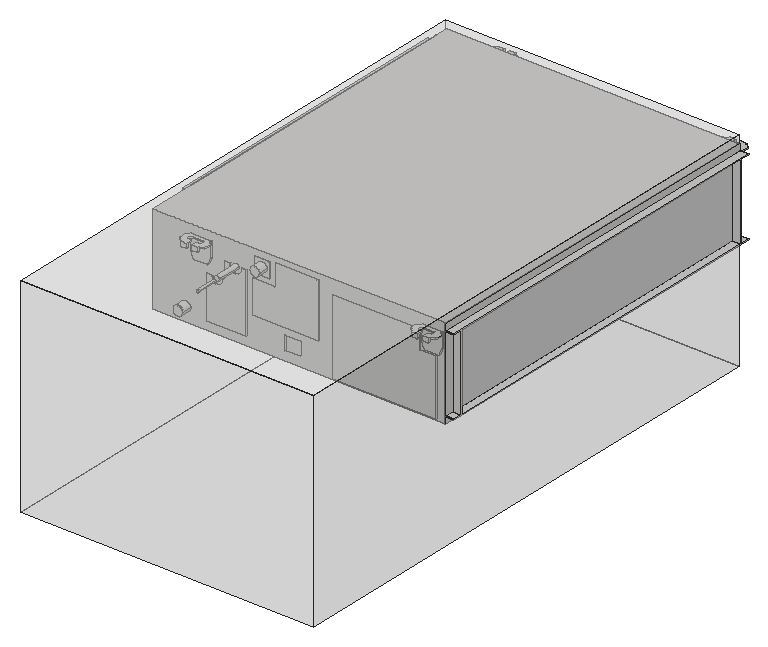
Revit family "outputfile", category 機械設備, Revit 2024
Family settings
  丸型コネクタ寸法 = 半径を使用
  パーツ タイプ = 標準
  OmniClass 番号 = 23.75.10.24.21.27.27
  OmniClass タイトル = Split System Air Conditioning Units
  作業面ベース = いいえ
  常に垂直 = はい
  ロード時にボイドで切り取り = いいえ
  注釈の向きを維持 = いいえ
  共有 = いいえ
  部屋計算ポイント = はい
Parameters (values of type "FXSA63AVMS")
  製造元 = "Daikin"
  書き出し IFC クラス(タイプ) = "IfcUnitaryEquipmentType"
  定義済み IFC タイプ(タイプ) = "AIRCONDITIONINGUNIT"
  モデル = "FXSA63AVMS"
  switch_frequency = yes
  r_Liquid Pipe Size = Liquid Pipe Size / 2  # 3.2 mm
  r_Gas Pipe Size = Gas Pipe Size / 2  # 6.35 mm
  r_Drain Pipe Size = Drain Pipe Size / 2  # 12.5 mm
  lw_power = 770.0 mm
  lh_SA = 138.0 mm
  lw_SA = if(Width = 550.0 mm, 225.0 mm, if(Width = 700.0 mm, 300.0 mm, if(Width = 1000.0 mm, 450.0 mm, if(Width = 1400.0 mm, 650.0 mm, 725.0 mm))))  # 450.0 mm
  lw_RA = if(Width = 550.0 mm, 275.0 mm, if(Width = 700.0 mm, 349.0 mm, if(Width = 1000.0 mm, 499.0 mm, if(Width = 1400.0 mm, 699.0 mm, 775.0 mm))))  # 499.0 mm
  lh_power = 60.0 mm + [h***]  # 60.0 mm
  lh_mountinghole1 = lh_mountinghole + [h***]  # 222.0 mm
  lh_RA = 123.0 mm
  ld_power = Width / 2  # 500.0 mm
  connector_voltage = Voltage_50Hz  # 220 V
  connector_powerinput = [Power Input (Cooling)]  # 0.106 kW
  connector_phase = Phase_50Hz  # 1
  Voltage_comment_50Hz = "220"
  Voltage_50Hz = 220 V
  Total Heating Capacity [instance] = 0.000 kW
  Supply Air Direction [instance] = yes
  Sound Power Level_H speed (dB) = 64
  Power Input (Heating) = 0.101 kW
  Phase_50Hz = 1
  Nominal Heating Capacity = 8.000 kW
  Minimum External Static Pressure = 50.00 Pa
  Minimum Circuit Amps_50Hz = 1.8 A
  Maximum Fuse Amps_50Hz = 16.0 A
  Maximum External Static Pressure = 150.00 Pa
  Material_Casing = DAIKIN_GalvanizedSteel_Casing_indoorunit
  lw_mountinghole = 630.0 mm
  lh_gaspipe = 183.0 mm + [h***]  # 183.0 mm
  lh_mountinghole = 222.0 mm
  lh_liquidpipe = 136.0 mm + [h***]  # 136.0 mm
  lh_drainpipe = 207.0 mm + [h***]  # 207.0 mm
  lh_antena = Height - lh_mountinghole + 1.0 mm  # 24.0 mm
  ld_drainpipe = Width / 2 + 26.0 mm  # 526.0 mm
  ld_liquidpipe = 569.0 mm
  ld_gaspipe = Width / 2 + 65.0 mm  # 565.0 mm
  ld_mountinghole = Width + 38.0 mm  # 1038.0 mm
  h*** = 0.0 mm
  lw_liquidpipe = 179.0 mm
  lw_gaspipe = 229.0 mm
  lw_drainpipe = 300.0 mm
  Width = 1000.0 mm
  Version = "ver.1.0"
  Unit Type = "Duct_M.S.P."
  Unit Mass Weight = 35.00 kg
  Unit Designation [instance] = ""
  Uniclass2015Version = "Products v1.30"
  Uniclass2015Title = "Variable refrigerant flow units"
  Uniclass2015Code = "Pr_70_65_03_94"
  Total Cooling Capacity [instance] = 0.000 kW
  Sound Pressure Level_M speed (dBA) = 32
  Sound Pressure Level_L speed (dBA) = 29
  Sound Pressure Level_H speed (dBA) = 36
  Series = "VRV Fan Coil Unit"
  Sensible Cooling Capacity [instance] = 0.000 kW
  SA Duct Size Width = 792.0 mm
  SA Duct Size Height = 176.0 mm
  Refrigerant Type = "R32"
  RA Duct Size Width = 952.0 mm
  RA Duct Size Height = 208.0 mm
  Power Input (Cooling) = 0.106 kW
  Option Accessory 3 [instance] = ""
  Option Accessory 2 [instance] = ""
  Option Accessory 1 [instance] = ""
  Nominal Cooling Capacity = 7.100 kW
  Minimum Airflow = 870.00 m³/h
  Median Airflow = 1050.00 m³/h
  Maximum Airflow = 1260.00 m³/h
  Load Classification = HVAC
  Liquid Pipe Size = 6.4 mm
  Link_Nested Family [instance] = ""
  IfcVersion = ""
  IfcExportType = "AIRCONDITIONINGUNIT"
  IfcExportAs = "IfcUnitaryEquipmentType"
  Height = 245.0 mm
  Heating Entering Wet Bulb Temperature [instance] = -273.15 °C
  Heating Entering Dry Bulb Temperature [instance] = -273.15 °C
  Heating Ambient Wet Bulb Temperature [instance] = -273.15 °C
  Heating Ambient Dry Bulb Temperature [instance] = -273.15 °C
  Heat Exchanger Type = "Cross Fin Coil"
  Gas Pipe Size = 12.7 mm
  Frequency_50Hz = 50 Hz
  Fan Type = "Sirocco Fan"
  Fan Drive = "Direct Drive"
  FCU Tag No. [instance] = ""
  Drain Pipe Size = 25.0 mm
  Design Supply Airflow [instance] = 0.00 m³/h
  Design Return Airflow [instance] = 0.00 m³/h
  Design External Static Pressure [instance] = 0.00 Pa
  Depth = 800.0 mm
  既定の高さ = 0.0 mm
  Cooling Entering Wet Bulb Temperature [instance] = 0.00 °C
  Cooling Entering Dry Bulb Temperature [instance] = 0.00 °C
  Cooling Ambient Wet Bulb Temperature [instance] = 0.00 °C
  Cooling Ambient Dry Bulb Temperature [instance] = 0.00 °C
  Clearance visibility [instance] = yes
  Clearance Top = 20.0 mm
  Clearance Right = 0.0 mm
  Clearance Rear = 0.0 mm
  Clearance Left = 0.0 mm
  Clearance Front = 450.0 mm
  Clearance Bottom = 300.0 mm
Reference planes
  plane 1 "Center (Front/Back)": y = 0
  plane 2 "h": z = 0
  plane 3 "Center (Left/Right)": x = 0
  plane 4 "Back": y = 500
  plane 5 "Front": y = -500
  plane 6 "Left": x = -400
  plane 7 "Right": x = 400
  plane 8 "Top": z = 0
  plane 9 "Bottom": z = -245
  plane 10: y = -215
  plane 11: y = 500
  plane 12: y = -950
  plane 13: x = -400
  plane 14: x = 400
  plane 15: z = 20
  plane 16: z = -545
  plane 17: x = -400
  plane 18: x = -399
  plane 19: x = 399
  plane 20: y = 50
  plane 21: y = -1
  plane 22: z = -122
  plane 23: y = -501
  plane 24: z = -109
  plane 25: x = -221
  plane 26: y = -565
  plane 27: z = -62
  plane 28: x = -171
  plane 29: y = -526
  plane 30: z = -38
  plane 31: x = -100
  plane 32: x = -100
  plane 33: x = -221
  plane 34: x = -171
  plane 35: x = 370
  plane 36: x = -266
  plane 37: x = 364
  plane 38: y = -519
  plane 39: y = 519
  plane 40: z = -23
  plane 41: z = -107
  plane 42: y = -569
  plane 43: z = -207
  plane 44: x = -309
  plane 45: y = -376
  plane 46: x = -251
  plane 47: x = -203
  plane 48: x = -144
  plane 49: z = -59
  plane 50: z = -106
  plane 51: z = -221
  plane 52: z = -109
  plane 53: x = -221
  plane 54: z = -62
  plane 55: x = -171
  plane 56: z = -17
  plane 57: z = -59
  plane 58: x = -121
  plane 59: x = -79
  plane 60: x = -125
  plane 61: x = -64
  plane 62: x = 53
  plane 63: z = -164
  plane 64: z = -73
  plane 65: z = -16
  plane 66: x = 93.5
  plane 67: x = 374.5
  plane 68: x = 330
  plane 69: z = -88.5
  plane 70: z = -38
  plane 71: z = -242.5
  plane 72: x = -38.5
  plane 73: x = 6.5
  plane 74: z = -181
  plane 75: z = -221
  plane 76: y = -499
  plane 77: x = -424
  plane 78: x = 424
Forms (mm)
  Extrusion 1, solid, material "DAIKIN_GalvanizedSteel_Casing_indoorunit" <- "Material_Casing"
    sketch origin (0, 0, 0) x (1, 0, 0) y (0, 1, 0)
      loop
        line (-399, 500) -> (-399, -500) -> (399, -500) -> (399, 500) -> (-399, 500)
    from -245 to 0
  Extrusion 2, solid, material "DAIKIN_GalvanizedSteel_Casing_indoorunit" <- "Material_Casing"
    sketch origin (0, 0, 0) x (1, 0, 0) y (0, 0, 1)
      loop
        line (-251, -221) -> (-144, -221) -> (-144, -59) -> (-154.47, -59)
        arc (-154.47, -59) -> (-171, -78.8) -> (-187.53, -59) r 16.8
        line (-187.53, -59) -> (-203, -59) -> (-203, -106) -> (-206.916, -106)
        arc (-206.916, -106) -> (-221, -123.4) -> (-235.084, -106) r 14.4
        line (-235.084, -106) -> (-251, -106) -> (-251, -221)
    from 500 to 501
  Extrusion 3, solid, material "DAIKIN_GalvanizedSteel_Casing_indoorunit" <- "Material_Casing"
    sketch origin (0, 0, 0) x (1, 0, 0) y (0, 0, 1)
      loop
        line (-121, -17) -> (-121, -59) -> (-79, -59) -> (-79, -17) -> (-121, -17)
      loop
        line (-125, -73) -> (-125, -164) -> (53, -164) -> (53, -16) -> (-64, -16) -> (-64, -73) -> (-125, -73)
    from 500 to 501
  Extrusion 4, solid, material "DAIKIN_GalvanizedSteel_Casing_indoorunit" <- "Material_Casing"
    sketch origin (0, 0, 0) x (1, 0, 0) y (0, 0, 1)
      loop
        line (93.5, -38) -> (93.5, -242.5) -> (374.5, -242.5) -> (374.5, -88.5) -> (330, -88.5) -> (330, -38) -> (93.5, -38)
    from 500 to 501
  Extrusion 5, solid, material "DAIKIN_GalvanizedSteel_Casing_indoorunit" <- "Material_Casing"
    sketch origin (0, 0, 0) x (1, 0, 0) y (0, 0, 1)
      loop
        circle (-221, -109) r 3.2
    from 500 to 569
  Extrusion 6, solid, material "DAIKIN_GalvanizedSteel_Casing_indoorunit" <- "Material_Casing"
    sketch origin (0, 0, 0) x (1, 0, 0) y (0, 0, 1)
      loop
        circle (-171, -62) r 6.35
    from 500 to 565
  Extrusion 7, solid, material "DAIKIN_GalvanizedSteel_Casing_indoorunit" <- "Material_Casing"
    sketch origin (0, 0, 0) x (1, 0, 0) y (0, 0, 1)
      loop
        circle (-100, -38) r 12.5
    from 501 to 526
  Extrusion 8, solid, material "DAIKIN_GalvanizedSteel_Casing_indoorunit" <- "Material_Casing"
    sketch origin (0, 0, 0) x (1, 0, 0) y (0, 0, 1)
      loop
        circle (-309, -207) r 13
    from 500 to 526
  Extrusion 9, void
    sketch origin (0, 0, 0) x (1, 0, 0) y (0, 0, 1)
      loop
        line (-38.5, -181) -> (-38.5, -221) -> (6.5, -221) -> (6.5, -181) -> (-38.5, -181)
    from 499 to 500
Cuts and joins
  Extrusion 9 cuts Extrusion 1
Dimensions and locks
  "Height": plane 8 "Top" to plane 9 "Bottom"
  equal spacing: plane 4 "Back", plane 1 "Center (Front/Back)", plane 5 "Front"
  "Width": plane 4 "Back" to plane 5 "Front"
  equal spacing: plane 6 "Left", plane 3 "Center (Left/Right)", plane 7 "Right"
  "Depth": plane 6 "Left" to plane 7 "Right"
  "Clearance Left": plane 13 to plane 6 "Left"
  "Clearance Right": plane 7 "Right" to plane 14
  "Clearance Rear": plane 11 to plane 4 "Back"
  "Clearance Front": plane 5 "Front" to plane 12
  "Clearance Top": plane 15 to plane 8 "Top"
  "Clearance Bottom": plane 9 "Bottom" to plane 16
  locked: plane 17 to plane 18 at 1
  locked: plane 19 to plane 14 at 1
  "lw_SA": plane 11 to plane 20
  "lw_RA": plane 21 to plane 5 "Front"
  "lh_RA": plane 22 to plane 9 "Bottom"
  locked: plane 5 "Front" to plane 23 at 1
  "lw_liquidpipe": plane 25 to plane 6 "Left"
  "lh_liquidpipe": plane 24 to plane 9 "Bottom"
  "lh_gaspipe": plane 27 to plane 9 "Bottom"
  "lw_gaspipe": plane 28 to plane 6 "Left"
  "ld_gaspipe": plane 26 to plane 1 "Center (Front/Back)"
  "ld_drainpipe": plane 29 to plane 1 "Center (Front/Back)"
  "lh_drainpipe": plane 30 to plane 9 "Bottom"
  "lw_drainpipe": plane 31 to plane 6 "Left"
  "lw_drainpipe": plane 6 "Left" to plane 32
  "lw_liquidpipe": plane 6 "Left" to plane 33
  "lw_gaspipe": plane 6 "Left" to plane 34
  "lw_power": plane 6 "Left" to plane 35
  locked: plane 17 to plane 36 at 134
  "lw_mountinghole": plane 36 to plane 37
  equal spacing: plane 38, plane 1 "Center (Front/Back)", plane 39
  "ld_mountinghole": plane 39 to plane 38
  "lh_mountinghole": plane 40 to plane 9 "Bottom"
  "lh_SA": plane 41 to plane 9 "Bottom"
  locked: plane 44 to plane 6 "Left" at 91
  locked: plane 43 to plane 9 "Bottom" at 38
  plane 48 to plane 47 to plane 46 to plane 6 "Left" = 59.0 mm, 48.0 mm, 149.0 mm
  plane 8 "Top" to plane 49 to plane 50 to plane 51 = 59.0 mm locked, 47.0 mm locked, 115.0 mm locked
  plane 55 to plane 53 to plane 6 "Left" = 50.0 mm locked, 179.0 mm locked
  plane 54 to plane 52 to plane 9 "Bottom" = 47.0 mm locked, 136.0 mm locked
  plane 59 to plane 58 to plane 6 "Left" = 42.0 mm locked, 279.0 mm locked
  plane 8 "Top" to plane 56 to plane 57 = 17.0 mm locked, 42.0 mm locked
  plane 62 to plane 61 to plane 60 to plane 6 "Left" = 117.0 mm, 61.0 mm, 275.0 mm
  plane 8 "Top" to plane 65 to plane 64 = 16.0 mm locked, 57.0 mm locked
  locked: plane 65 to plane 63 at 148
  plane 8 "Top" to plane 70 to plane 69 to plane 71 = 38.0 mm locked, 50.5 mm locked, 154.0 mm locked
  plane 67 to plane 68 to plane 66 to plane 6 "Left" = 44.5 mm locked, 236.5 mm locked, 493.5 mm locked
  plane 8 "Top" to plane 74 to plane 75 = 181.0 mm locked, 40.0 mm locked
  plane 73 to plane 72 to plane 6 "Left" = 45.0 mm, 361.5 mm
  locked: plane 76 to plane 5 "Front" at 1
  locked: plane 77 to plane 17 at 24
  locked: plane 14 to plane 78 at 24
  "ld_liquidpipe": plane 42 to plane 1 "Center (Front/Back)"
  "r_Liquid Pipe Size": radius of Extrusion 5 sketch curve
  "r_Gas Pipe Size": radius of Extrusion 6 sketch curve
  "r_Drain Pipe Size": radius of Extrusion 7 sketch curve
  aligned and locked: level to plane 2 "h"
  aligned and locked: plane 8 "Top" to Extrusion 1
  aligned and locked: Extrusion 1 to plane 9 "Bottom"
  aligned and locked: nested 5 to plane 12
  aligned and locked: plane 13 to nested 5
  aligned and locked: plane 14 to nested 5
  aligned and locked: nested 5 to plane 13
  aligned and locked: plane 11 to nested 5
  aligned and locked: plane 15 to nested 5
  aligned and locked: plane 16 to nested 5
  aligned and locked: plane 5 "Front" to Extrusion 1 sketch curve
  aligned and locked: Extrusion 1 to plane 18
  aligned and locked: plane 19 to Extrusion 1
  aligned and locked: nested 7 to plane 18
  aligned and locked: nested 7 to plane 20
  aligned and locked: plane 19 to nested 8
  aligned and locked: plane 21 to nested 8
  aligned and locked: plane 22 to nested 8
  aligned and locked: Extrusion 2 to plane 23
  aligned and locked: plane 5 "Front" to Extrusion 2
  aligned and locked: Extrusion 3 to plane 23
  aligned and locked: plane 5 "Front" to Extrusion 3
  aligned and locked: plane 5 "Front" to Extrusion 4
  aligned and locked: Extrusion 5 sketch curve to plane 25
  aligned and locked: plane 24 to Extrusion 5 sketch curve
  aligned and locked: plane 5 "Front" to Extrusion 5
  aligned and locked: Extrusion 6 sketch curve to plane 28
  aligned and locked: plane 27 to Extrusion 6 sketch curve
  aligned and locked: plane 5 "Front" to Extrusion 6
  aligned and locked: Extrusion 7 sketch curve to plane 31
  aligned and locked: Extrusion 7 sketch curve to plane 30
  aligned and locked: Extrusion 7 to plane 29
  aligned and locked: plane 23 to Extrusion 7
  aligned and locked: nested 3 to plane 29
  aligned and locked: plane 32 to nested 3
  aligned and locked: nested 2 to plane 33
  aligned and locked: nested 1 to plane 34
  aligned and locked: Extrusion 6 to plane 26
  aligned and locked: nested 1 to plane 26
  aligned and locked: nested 6 to plane 5 "Front"
  aligned and locked: nested 6 to plane 35
  aligned and locked: plane 36 to nested 10
  aligned and locked: nested 10 to plane 5 "Front"
  aligned and locked: plane 37 to nested 9
  aligned and locked: nested 9 to plane 5 "Front"
  aligned and locked: nested 11 to plane 36
  aligned and locked: plane 4 "Back" to nested 11
  aligned and locked: nested 12 to plane 37
  aligned and locked: plane 4 "Back" to nested 12
  aligned and locked: plane 40 to nested 10
  aligned and locked: plane 40 to nested 11
  aligned and locked: plane 40 to nested 9
  aligned and locked: plane 40 to nested 12
  aligned and locked: plane 36 to nested 14
  aligned and locked: nested 14 to plane 39
  aligned and locked: plane 37 to nested 13
  aligned and locked: nested 13 to plane 39
  aligned and locked: plane 37 to nested 16
  aligned and locked: plane 38 to nested 16
  aligned and locked: plane 38 to nested 15
  aligned and locked: plane 36 to nested 15
  aligned and locked: plane 17 to plane 6 "Left"
  aligned and locked: plane 41 to nested 7
  aligned and locked: Extrusion 5 to plane 42
  aligned and locked: nested 2 to plane 42
  aligned and locked: Extrusion 8 sketch curve to plane 44
  aligned and locked: plane 43 to Extrusion 8 sketch curve
  aligned and locked: plane 5 "Front" to Extrusion 8
  aligned and locked: Extrusion 3 sketch curve to plane 56
  aligned and locked: Extrusion 3 sketch curve to plane 58
  aligned and locked: plane 57 to Extrusion 3 sketch curve
  aligned and locked: plane 59 to Extrusion 3 sketch curve
  aligned and locked: Extrusion 4 to plane 23
  aligned and locked: Extrusion 9 sketch curve to plane 74
  aligned and locked: plane 75 to Extrusion 9 sketch curve
  aligned and locked: plane 73 to Extrusion 9 sketch curve
  aligned and locked: plane 5 "Front" to Extrusion 9
  aligned and locked: plane 76 to Extrusion 9
  aligned and locked: nested 17 to plane 20
  aligned and locked: nested 17 to plane 77
  aligned and locked: plane 21 to nested 18
  aligned and locked: plane 78 to nested 18
  aligned and locked: plane 41 to nested 17
  aligned and locked: nested 18 to plane 22
  aligned and locked: nested 4 to plane 3 "Center (Left/Right)"
  aligned and locked: plane 1 "Center (Front/Back)" to nested 4
  aligned and locked: level to plane 8 "Top"
  aligned and locked: Extrusion 8 to plane 29
Automatic sketch dimensions
  plane 6 "Left" to Extrusion 1 sketch curve = 1.0 mm
  Extrusion 1 sketch curve to plane 7 "Right" = 1.0 mm
  Extrusion 1 sketch curve to plane 4 "Back" = 0.0 mm
  Extrusion 2 sketch curve to plane 46 = 0.0 mm
  Extrusion 2 sketch curve to plane 33 = 0.0 mm
  Extrusion 2 sketch curve to plane 47 = 0.0 mm
  Extrusion 2 sketch curve to plane 34 = 0.0 mm
  Extrusion 2 sketch curve to plane 48 = 0.0 mm
  Extrusion 2 sketch curve to plane 51 = 0.0 mm
  Extrusion 2 sketch curve to plane 52 = 0.0 mm
  Extrusion 2 sketch curve to plane 50 = 0.0 mm  (x3)
  Extrusion 2 sketch curve to plane 54 = 0.0 mm
  Extrusion 2 sketch curve to plane 49 = 0.0 mm  (x3)
  plane 33 to Extrusion 2 sketch curve = 14.084 mm
  plane 34 to Extrusion 2 sketch curve = 16.53 mm
  Extrusion 3 sketch curve to plane 60 = 0.0 mm
  Extrusion 3 sketch curve to plane 61 = 0.0 mm
  Extrusion 3 sketch curve to plane 62 = 0.0 mm
  Extrusion 3 sketch curve to plane 63 = 0.0 mm
  Extrusion 3 sketch curve to plane 64 = 0.0 mm
  Extrusion 3 sketch curve to plane 65 = 0.0 mm
  Extrusion 4 sketch curve to plane 66 = 0.0 mm
  Extrusion 4 sketch curve to plane 68 = 0.0 mm
  Extrusion 4 sketch curve to plane 67 = 0.0 mm
  Extrusion 4 sketch curve to plane 71 = 0.0 mm
  Extrusion 4 sketch curve to plane 69 = 0.0 mm
  Extrusion 4 sketch curve to plane 70 = 0.0 mm
  Extrusion 9 sketch curve to plane 72 = 0.0 mm
  radius of Extrusion 8 sketch curve = 13.0 mm
Nested families
  nested 1: "daikin_connector_rotate2" at (-171, 0, -62), length <- "ld_gaspipe", built-in parameter 1001364 <- "lh_gaspipe", radius <- "r_Gas Pipe Size", type "daikin_connector_rotate2"
    with radius 6.35 mm, length 565.0 mm, angle_vertical 90.00°
  nested 2: "daikin_connector_rotate2" at (-221, 0, -109), length <- "ld_liquidpipe", built-in parameter 1001364 <- "lh_liquidpipe", radius <- "r_Liquid Pipe Size", type "daikin_connector_rotate2"
    with radius 3.2 mm, length 569.0 mm, angle_vertical 90.00°
  nested 3: "daikin_connector_rotate2" at (-100, 0, -38), length <- "ld_drainpipe", built-in parameter 1001364 <- "lh_drainpipe", radius <- "r_Drain Pipe Size", type "daikin_connector_rotate2"
    with radius 12.5 mm, length 526.0 mm, angle_vertical 90.00°
  nested 4: "daikin_△_symbolicline" at (0, 0, 245) x (0, -1, 0) z (0, 0, 1), built-in parameter 1001364 <- "Height", visible <- "Supply Air Direction", type "daikin_△_symbolicline"
    with length 200.0 mm
  nested 5: "daikin_clearancespace" at (0, -225, -262.381), visible <- "Clearance visibility", show <- "Clearance visibility", Link_Nested Family <- "Link_Nested Family", type "daikin_clearancespace"
    with width 800.0 mm, show yes, height 565.0 mm, depth 1450.0 mm, Link_Nested Family ""
  nested 6: "daikin_connector_rotate2" at (370, 0, -185), built-in parameter 1001364 <- "lh_power", length <- "ld_power", type "daikin_connector_rotate2"
    with radius 10.0 mm, length 500.0 mm, angle_vertical 90.00°
  nested 7: "daikin_ductflange_FXSA-AVMS2" at (-399, 50, -107) x (0, -1, 0) z (0, 0, 1), type "daikin_ductflange_FXSA-AVMS2"
    with width 792.0 mm, w 1000.0 mm
  nested 8: "daikin_ductflange_FXSA-AVMS" at (399, -1, -122) x (0, 1, 0) z (0, 0, 1), type "daikin_ductflange_FXSA-AVMS"
    with width 952.0 mm, lw 25.0 mm, w 1000.0 mm
  nested 9: "FXFSA-AVM" at (364, -500, -23), type "daikin_hangerfixture_FXFSA-AVM"
  nested 10: "FXFSA-AVM" at (-266, -500, -23), type "daikin_hangerfixture_FXFSA-AVM"
  nested 11: "FXFSA-AVM" at (-266, 500, -23) x (-1, 0, 0) z (0, 0, 1), type "daikin_hangerfixture_FXFSA-AVM"
  nested 12: "FXFSA-AVM" at (364, 500, -23) x (-1, 0, 0) z (0, 0, 1), type "daikin_hangerfixture_FXFSA-AVM"
  nested 13: "daikin_mountinghole" at (364, 519, -245), h_mountinghole <- "lh_mountinghole1", l_antenna <- "lh_antena", Link_Nested Family <- "Link_Nested Family", type "daikin_mountinghole"
    with show yes, l_antenna 24.0 mm, h_mountinghole 222.0 mm, Link_Nested Family ""
  nested 14: "daikin_mountinghole" at (-266, 519, -245), h_mountinghole <- "lh_mountinghole1", l_antenna <- "lh_antena", Link_Nested Family <- "Link_Nested Family", type "daikin_mountinghole"
    with show yes, l_antenna 24.0 mm, h_mountinghole 222.0 mm, Link_Nested Family ""
  nested 15: "daikin_mountinghole" at (-266, -519, -245), h_mountinghole <- "lh_mountinghole1", l_antenna <- "lh_antena", Link_Nested Family <- "Link_Nested Family", type "daikin_mountinghole"
    with show yes, l_antenna 24.0 mm, h_mountinghole 222.0 mm, Link_Nested Family ""
  nested 16: "daikin_mountinghole" at (364, -519, -245), h_mountinghole <- "lh_mountinghole1", l_antenna <- "lh_antena", Link_Nested Family <- "Link_Nested Family", type "daikin_mountinghole"
    with show yes, l_antenna 24.0 mm, h_mountinghole 222.0 mm, Link_Nested Family ""
  nested 17: "daikin_connector_rotate2" at (-400, 50, -107) x (0, -1, 0) z (0, 0, 1), type "daikin_connector_rotate2"
    with radius 10.0 mm, length 24.0 mm, angle_vertical 90.00°
  nested 18: "daikin_connector_rotate2" at (400, -1, -122) x (0, 1, 0) z (0, 0, 1), type "daikin_connector_rotate2"
    with radius 10.0 mm, length 24.0 mm, angle_vertical 90.00°
Connectors
  piping at (-100, -526, -38), diameter 25, driven by "r_Drain Pipe Size"
    settings: on nested 3, index 3, connector inside diameter 609.6 mm, connector length 0.0 mm, flow factor 0, pipe flow 0.00 m³/h, pressure drop 0.0 Pa, fitting loss kfactor 0, connector angle 0.00°, fixture units 0, engagement length 0.0 mm, angle of deflection 0.00°, flow configuration 1, flow direction 2, fitting loss method 4, system type 16, joint type 0, gender type 0, connector reference index -1, connector utility 0, adjustable connector no, is connector primary yes, connector description "Condensate Drain Piping"
  piping at (-171, -565, -62), diameter 12.7, driven by "r_Gas Pipe Size"
    settings: on nested 1, index 4, connector inside diameter 609.6 mm, connector length 0.0 mm, flow factor 0, pipe flow 0.00 m³/h, pressure drop 0.0 Pa, fitting loss kfactor 0, connector angle 0.00°, fixture units 0, engagement length 0.0 mm, angle of deflection 0.00°, flow configuration 1, flow direction 2, fitting loss method 0, system type 29, joint type 0, gender type 0, connector reference index -1, connector utility 0, adjustable connector no, is connector primary no, connector description "Refrigerant Gas Piping"
  piping at (-221, -569, -109), diameter 6.4, driven by "r_Liquid Pipe Size"
    settings: on nested 2, index 5, connector inside diameter 609.6 mm, connector length 0.0 mm, flow factor 0, pipe flow 0.00 m³/h, pressure drop 0.0 Pa, fitting loss kfactor 0, connector angle 0.00°, fixture units 0, engagement length 0.0 mm, angle of deflection 0.00°, flow configuration 1, flow direction 1, fitting loss method 0, system type 29, joint type 0, gender type 0, connector reference index -1, connector utility 0, adjustable connector no, is connector primary no, connector description "Refrigerant Liquid Piping"
  electrical at (370, -500, -185), driven by "Load Classification", driven by "connector_voltage", driven by "connector_phase", driven by "connector_powerinput"
    settings: on nested 6, index 6, voltage 220 V, apparent load 106 VA, apparent load phase1 0 VA, apparent load phase2 0 VA, apparent load phase3 0 VA, power factor 1, load classification "HVAC", number of poles 1, system type 30, power factor state 1, is connector primary yes, connector utility no, sub classification motor no, connector description "Power Supply"
  hvac at (-424, 50, -107), driven by "SA Duct Size Height", driven by "SA Duct Size Width"
    settings: on nested 17, index 7, duct flow 0.00 m³/h, flow factor 0, pres drop 0.00 Pa, loss coef 0, conn angle 0.00°, conn width 792.0 mm, conn height 176.0 mm, conn diameter 609.6 mm, duct sys type 1, conn prof type 1, flow config 0, flow direction 2, loss method 4, conn ref index -1, conn util no, is conn primary yes, conn desc "SA Duct"
  hvac at (424, -1, -122), driven by "RA Duct Size Height", driven by "RA Duct Size Width"
    settings: on nested 18, index 8, duct flow 0.00 m³/h, flow factor 0, pres drop 0.00 Pa, loss coef 0, conn angle 0.00°, conn width 952.0 mm, conn height 208.0 mm, conn diameter 609.6 mm, duct sys type 2, conn prof type 1, flow config 0, flow direction 1, loss method 4, conn ref index -1, conn util no, is conn primary no, conn desc "RA Duct"
Definition of nested family "daikin_clearancespace"
  Parameters (values of type "daikin_clearancespace")
    Description = "daikin_clearancespace"
    width [instance] = 1823.963 mm
    show [instance] = yes
    material = none
    height [instance] = 1359.762 mm
    depth [instance] = 880.0 mm
    Default Elevation = 0.0 mm
    Link_Nested Family [instance] = ""
  Reference planes
    plane 1 "Center (Front/Back)": y = 0
    plane 2 "Center (Elevation)": z = -0.119
    plane 3 "Center (Left/Right)": x = 0
    plane 4: y = 440
    plane 5: y = -440
    plane 6 "Right": x = 911.982
    plane 7 "Left": x = -911.982
    plane 8 "Top": z = 679.762
    plane 9 "Bottom": z = -680
  Forms (mm)
    Extrusion 1, solid, material <- "material", visible <- "show"
      sketch origin (0, 0, 0) x (1, 0, 0) y (0, 1, 0)
        loop
          line (-911.982, 440) -> (-911.982, -440) -> (911.982, -440) -> (911.982, 440) -> (-911.982, 440)
      from -680 to 679.762
  Lines and regions (mm)
    symbolic lines, visible <- "show"
      curve 1: line (911.982, 440, 0) -> (-911.982, 440, 0)
      curve 2: line (-911.982, 440, 0) -> (-911.982, -440, 0)
      curve 3: line (-911.982, -440, 0) -> (911.982, -440, 0)
      curve 4: line (911.982, -440, 0) -> (911.982, 440, 0)
      curve 5: line (911.982, 0, 679.762) -> (-911.982, 0, 679.762)
      curve 6: line (911.982, 0, -680) -> (911.982, 0, 679.762)
      curve 7: line (-911.982, 0, -680) -> (911.982, 0, -680)
      curve 8: line (-911.982, 0, 679.762) -> (-911.982, 0, -680)
      curve 9: line (0, 440, 679.762) -> (0, -440, 679.762)
      curve 10: line (0, -440, 679.762) -> (0, -440, -680)
      curve 11: line (0, 440, -680) -> (0, 440, 679.762)
      curve 12: line (0, -440, -680) -> (0, 440, -680)
  Dimensions and locks
    "width": plane 7 "Left" to plane 6 "Right"
    "depth": plane 4 to plane 5
    "height": plane 8 "Top" to plane 9 "Bottom"
    equal spacing: plane 7 "Left", plane 3 "Center (Left/Right)", plane 6 "Right"
    equal spacing: plane 4, plane 1 "Center (Front/Back)", plane 5
    equal spacing: plane 8 "Top", plane 2 "Center (Elevation)", plane 9 "Bottom"
    aligned and locked: level to plane 2 "Center (Elevation)"
    aligned and locked: Extrusion 1 sketch curve to plane 4
    aligned and locked: plane 7 "Left" to Extrusion 1 sketch curve
    aligned and locked: Extrusion 1 sketch curve to plane 5
    aligned and locked: Extrusion 1 sketch curve to plane 6 "Right"
    aligned and locked: plane 8 "Top" to Extrusion 1
    aligned and locked: curve 1 to Extrusion 1
    aligned and locked: curve 2 to Extrusion 1
    aligned and locked: curve 3 to Extrusion 1
    aligned and locked: curve 4 to Extrusion 1
    aligned and locked: curve 5 to Extrusion 1
    aligned and locked: curve 6 to Extrusion 1
    aligned and locked: curve 7 to Extrusion 1
    aligned and locked: curve 8 to Extrusion 1
    aligned and locked: curve 9 to Extrusion 1
    aligned and locked: curve 10 to Extrusion 1
    aligned and locked: curve 11 to Extrusion 1
    aligned and locked: curve 12 to Extrusion 1
    aligned and locked: Extrusion 1 to plane 9 "Bottom"
Definition of nested family "daikin_ductflange_FXSA-AVMS2"
  Parameters (values of type "daikin_ductflange_FBA-BVMA2")
    width = if(w = 550.0 mm, 337.0 mm, if(w = 700.0 mm, 492.0 mm, if(w = 1000.0 mm, 792.0 mm, if(w = 1400.0 mm, 1192.0 mm, 1337.0 mm))))  # 492.0 mm
    w1 = if(w = 550.0 mm, 24.0 mm, if(w = 700.0 mm, 21.5 mm, if(w = 1000.0 mm, 21.5 mm, if(w = 1400.0 mm, 21.5 mm, 24.0 mm))))  # 21.5 mm
    material = none
    height = 215.0 mm
    depth = 1.0 mm
    w = 700.0 mm
    Default Elevation = 0.0 mm
  Reference planes
    plane 1 "Center (Front/Back)": y = 0
    plane 2: z = 0
    plane 3 "Center (Left/Right)": x = 0
    plane 4: z = 88
    plane 5: z = -88
    plane 6: y = -25
    plane 7: z = 106
    plane 8: z = 89
    plane 9: y = -1
    plane 10: x = -267.5
    plane 11: x = 267.5
    plane 12: z = -106
    plane 13: z = -89
    plane 14: y = -1
    plane 15: x = 246
    plane 16: x = -246
    plane 17: x = 247
    plane 18: z = 87
    plane 19: z = -87
    plane 20: x = -247
    plane 21: z = 87
    plane 22: z = -87
    plane 23: y = -1
  Forms (mm)
    Extrusion 1, solid, material <- "material"
      sketch origin (0, 0, 0) x (0, 1, 0) y (0, 0, 1)
        loop
          line (-25, 88) -> (0, 88) -> (0, 106) -> (-1, 106) -> (-1, 89) -> (-25, 89) -> (-25, 88)
      from -267.5 to 267.5
    Extrusion 2, solid, material <- "material"
      sketch origin (0, 0, 0) x (0, 1, 0) y (0, 0, 1)
        loop
          line (-25, -88) -> (-25, -89) -> (-1, -89) -> (-1, -106) -> (0, -106) -> (0, -88) -> (-25, -88)
      from -267.5 to 267.5
    Extrusion 3, solid, material <- "material"
      sketch origin (0, 0, 0) x (1, 0, 0) y (0, 0, 1)
        loop
          line (246, 88) -> (246, -88) -> (267.5, -88) -> (267.5, -87) -> (247, -87) -> (247, 87) -> (267.5, 87) -> (267.5, 88) -> (246, 88)
      from 0 to 25
    Extrusion 4, solid, material <- "material"
      sketch origin (0, 0, 0) x (1, 0, 0) y (0, 0, 1)
        loop
          line (-267.5, 88) -> (-267.5, 87) -> (-247, 87) -> (-247, -87) -> (-267.5, -87) -> (-267.5, -88) -> (-246, -88) -> (-246, 88) -> (-267.5, 88)
      from 0 to 25
    Extrusion 5, solid, material <- "material"
      sketch origin (0, 0, 0) x (1, 0, 0) y (0, 0, 1)
        loop
          line (-267.5, 88) -> (-267.5, -88) -> (-246, -88) -> (-246, 88) -> (-267.5, 88)
        loop
          line (267.5, 88) -> (246, 88) -> (246, -88) -> (267.5, -88) -> (267.5, 88)
      from 0 to 1
  Cuts and joins
    joined: Extrusion 1, Extrusion 2, Extrusion 3, Extrusion 4, Extrusion 5
  Dimensions and locks
    plane 4 to level to plane 5 = 88.0 mm, 88.0 mm
    locked: plane 6 to plane 1 "Center (Front/Back)" at 25
    locked: plane 9 to plane 1 "Center (Front/Back)" at 1
    locked: plane 8 to plane 4 at 1
    "w1": plane 16 to plane 10
    locked: plane 17 to plane 15 at 1
    locked: plane 4 to plane 18 at 1
    locked: plane 19 to plane 5 at 1
    "width": plane 15 to plane 16
    plane 4 to plane 5 = 176.0 mm
    locked: plane 16 to plane 20 at 1
    locked: plane 4 to plane 21 at 1
    locked: plane 22 to plane 5 at 1
    locked: plane 23 to plane 1 "Center (Front/Back)" at 1
    plane 4 to level to plane 5 = 88.0 mm locked, 88.0 mm locked
    locked: plane 5 to plane 13 at 1
    locked: plane 5 to plane 12 at 18
    locked: plane 7 to plane 4 at 18
    equal spacing: plane 15, plane 3 "Center (Left/Right)", plane 16
    "w1": plane 11 to plane 15
    plane 11 to plane 10 = 535.0 mm
    aligned and locked: level to plane 2
    aligned and locked: Extrusion 1 to plane 10
    aligned and locked: plane 11 to Extrusion 1
    aligned and locked: plane 5 to Extrusion 2
    aligned and locked: Extrusion 2 to plane 1 "Center (Front/Back)"
    aligned and locked: plane 15 to Extrusion 3 sketch curve
    aligned and locked: Extrusion 3 sketch curve to Extrusion 2  (x2)
    aligned and locked: Extrusion 3 sketch curve to plane 11
    aligned and locked: plane 6 to Extrusion 3
    aligned and locked: Extrusion 2 to plane 10
    aligned and locked: plane 11 to Extrusion 2
    aligned and locked: Extrusion 4 sketch curve to Extrusion 1  (x2)
    aligned and locked: plane 5 to Extrusion 4 sketch curve
    aligned and locked: Extrusion 4 sketch curve to plane 16
    aligned and locked: Extrusion 4 sketch curve to plane 22
    aligned and locked: plane 20 to Extrusion 4 sketch curve
    aligned and locked: plane 21 to Extrusion 4 sketch curve
    aligned and locked: Extrusion 4 to plane 1 "Center (Front/Back)"
    aligned and locked: plane 6 to Extrusion 4
    aligned and locked: Extrusion 5 sketch curve to Extrusion 1  (x4)
    aligned and locked: Extrusion 5 sketch curve to Extrusion 4  (x2)
    aligned and locked: Extrusion 5 sketch curve to Extrusion 3  (x2)
    aligned and locked: Extrusion 5 to plane 1 "Center (Front/Back)"
    aligned and locked: plane 23 to Extrusion 5
  Automatic sketch dimensions
    Extrusion 1 sketch curve to plane 6 = 0.0 mm
    Extrusion 1 sketch curve to plane 7 = 0.0 mm
    Extrusion 1 sketch curve to plane 9 = 0.0 mm
    Extrusion 1 sketch curve to plane 1 "Center (Front/Back)" = 0.0 mm
    Extrusion 1 sketch curve to plane 4 = 0.0 mm
    Extrusion 1 sketch curve to plane 8 = 0.0 mm
    Extrusion 2 sketch curve to plane 6 = 0.0 mm
    plane 12 to Extrusion 2 sketch curve = 0.0 mm
    Extrusion 2 sketch curve to plane 14 = 0.0 mm
    Extrusion 2 sketch curve to plane 1 "Center (Front/Back)" = 0.0 mm
    plane 13 to Extrusion 2 sketch curve = 0.0 mm
    Extrusion 2 sketch curve to plane 5 = 0.0 mm
    Extrusion 3 sketch curve to plane 17 = 0.0 mm
    Extrusion 3 sketch curve to plane 19 = 0.0 mm
    Extrusion 3 sketch curve to plane 18 = 0.0 mm
    Extrusion 3 sketch curve to plane 4 = 0.0 mm
    Extrusion 4 sketch curve to plane 10 = 0.0 mm
Definition of nested family "daikin_ductflange_FXSA-AVMS"
  Parameters (values of type "daikin_ductflange_FBFC-DVMG")
    width = if(w = 550.0 mm, 502.0 mm, if(w = 700.0 mm, 654.0 mm, if(w = 1000.0 mm, 952.0 mm, if(w = 1400.0 mm, 1352.0 mm, 1502.0 mm))))  # 654.0 mm
    material = none
    lw = if(width = 654.0 mm, 23.0 mm, 25.0 mm)  # 23.0 mm
    height = 208.0 mm
    depth = 1.0 mm
    w = 700.0 mm
    Default Elevation = 0.0 mm
  Reference planes
    plane 1 "Center (Front/Back)": y = 0
    plane 2: z = 0
    plane 3 "Center (Left/Right)": x = 0
    plane 4: z = 104
    plane 5: z = -104
    plane 6: y = -25
    plane 7: z = 121
    plane 8: z = 105
    plane 9: y = -1
    plane 10: x = -350
    plane 11: x = 350
    plane 12: z = -122
    plane 13: z = -105
    plane 14: y = -1
    plane 15: x = 327
    plane 16: x = -327
    plane 17: x = 328
    plane 18: z = 103
    plane 19: z = -103
    plane 20: x = -328
    plane 21: z = 103
    plane 22: z = -103
    plane 23: y = -1
  Forms (mm)
    Extrusion 1, solid, material <- "material"
      sketch origin (0, 0, 0) x (0, 1, 0) y (0, 0, 1)
        loop
          line (-25, 104) -> (0, 104) -> (0, 121) -> (-1, 121) -> (-1, 105) -> (-25, 105) -> (-25, 104)
      from -350 to 350
    Extrusion 2, solid, material <- "material"
      sketch origin (0, 0, 0) x (0, 1, 0) y (0, 0, 1)
        loop
          line (-25, -104) -> (-25, -105) -> (-1, -105) -> (-1, -122) -> (0, -122) -> (0, -104) -> (-25, -104)
      from -350 to 350
    Extrusion 3, solid, material <- "material"
      sketch origin (0, 0, 0) x (1, 0, 0) y (0, 0, 1)
        loop
          line (327, 104) -> (327, -104) -> (350, -104) -> (350, -103) -> (328, -103) -> (328, 103) -> (350, 103) -> (350, 104) -> (327, 104)
      from 0 to 25
    Extrusion 4, solid, material <- "material"
      sketch origin (0, 0, 0) x (1, 0, 0) y (0, 0, 1)
        loop
          line (-350, 104) -> (-350, 103) -> (-328, 103) -> (-328, -103) -> (-350, -103) -> (-350, -104) -> (-327, -104) -> (-327, 104) -> (-350, 104)
      from 0 to 25
    Extrusion 5, solid, material <- "material"
      sketch origin (0, 0, 0) x (1, 0, 0) y (0, 0, 1)
        loop
          line (-350, 104) -> (-350, -104) -> (-327, -104) -> (-327, 104) -> (-350, 104)
        loop
          line (350, 104) -> (327, 104) -> (327, -104) -> (350, -104) -> (350, 104)
      from 0 to 1
  Cuts and joins
    joined: Extrusion 1, Extrusion 2, Extrusion 3, Extrusion 4, Extrusion 5
  Dimensions and locks
    plane 4 to level to plane 5 = 104.0 mm, 104.0 mm
    locked: plane 6 to plane 1 "Center (Front/Back)" at 25
    locked: plane 9 to plane 1 "Center (Front/Back)" at 1
    locked: plane 8 to plane 4 at 1
    "lw": plane 11 to plane 15
    "lw": plane 16 to plane 10
    locked: plane 17 to plane 15 at 1
    locked: plane 4 to plane 18 at 1
    locked: plane 19 to plane 5 at 1
    "width": plane 15 to plane 16
    equal spacing: plane 15, plane 3 "Center (Left/Right)", plane 16
    locked: plane 16 to plane 20 at 1
    locked: plane 4 to plane 21 at 1
    locked: plane 22 to plane 5 at 1
    locked: plane 23 to plane 1 "Center (Front/Back)" at 1
    locked: plane 7 to plane 4 at 17
    locked: plane 1 "Center (Front/Back)" to plane 14 at 1
    locked: plane 5 to plane 13 at 1
    "height": plane 4 to plane 5
    plane 11 to plane 10 = 700.0 mm
    locked: plane 12 to plane 13 at 17
    equal spacing: plane 4, level, plane 5
    aligned and locked: level to plane 2
    aligned and locked: Extrusion 1 to plane 10
    aligned and locked: plane 11 to Extrusion 1
    aligned and locked: plane 5 to Extrusion 2
    aligned and locked: Extrusion 2 to plane 1 "Center (Front/Back)"
    aligned and locked: plane 15 to Extrusion 3 sketch curve
    aligned and locked: Extrusion 3 sketch curve to Extrusion 2  (x2)
    aligned and locked: Extrusion 3 sketch curve to plane 11
    aligned and locked: plane 6 to Extrusion 3
    aligned and locked: Extrusion 2 to plane 10
    aligned and locked: plane 11 to Extrusion 2
    aligned and locked: Extrusion 4 sketch curve to Extrusion 1  (x2)
    aligned and locked: plane 5 to Extrusion 4 sketch curve
    aligned and locked: Extrusion 4 sketch curve to plane 16
    aligned and locked: Extrusion 4 sketch curve to plane 22
    aligned and locked: plane 20 to Extrusion 4 sketch curve
    aligned and locked: plane 21 to Extrusion 4 sketch curve
    aligned and locked: Extrusion 4 to plane 1 "Center (Front/Back)"
    aligned and locked: plane 6 to Extrusion 4
    aligned and locked: Extrusion 5 sketch curve to Extrusion 1  (x4)
    aligned and locked: Extrusion 5 sketch curve to Extrusion 4  (x2)
    aligned and locked: Extrusion 5 sketch curve to Extrusion 3  (x2)
    aligned and locked: Extrusion 5 to plane 1 "Center (Front/Back)"
    aligned and locked: plane 23 to Extrusion 5
  Automatic sketch dimensions
    Extrusion 1 sketch curve to plane 6 = 0.0 mm
    Extrusion 1 sketch curve to plane 7 = 0.0 mm
    Extrusion 1 sketch curve to plane 9 = 0.0 mm
    Extrusion 1 sketch curve to plane 1 "Center (Front/Back)" = 0.0 mm
    Extrusion 1 sketch curve to plane 4 = 0.0 mm
    Extrusion 1 sketch curve to plane 8 = 0.0 mm
    Extrusion 2 sketch curve to plane 6 = 0.0 mm
    plane 12 to Extrusion 2 sketch curve = 0.0 mm
    Extrusion 2 sketch curve to plane 14 = 0.0 mm
    Extrusion 2 sketch curve to plane 1 "Center (Front/Back)" = 0.0 mm
    plane 13 to Extrusion 2 sketch curve = 0.0 mm
    Extrusion 2 sketch curve to plane 5 = 0.0 mm
    Extrusion 3 sketch curve to plane 17 = 0.0 mm
    Extrusion 3 sketch curve to plane 19 = 0.0 mm
    Extrusion 3 sketch curve to plane 18 = 0.0 mm
    Extrusion 3 sketch curve to plane 4 = 0.0 mm
    Extrusion 4 sketch curve to plane 10 = 0.0 mm
Definition of nested family "FXFSA-AVM"
  Parameters (values of type "daikin_hangerfixture_FXMQ-PAVE")
    width = 72.0 mm
    material = none
    height = 60.0 mm
    depth = 41.0 mm
    Default Elevation = 0.0 mm
  Reference planes
    plane 1 "Center (Front/Back)": y = 0
    plane 2: z = 0
    plane 3 "Center (Left/Right)": x = 0
    plane 4: y = 417.146
    plane 5: y = -41
    plane 6: x = -36
    plane 7: x = 36
    plane 8: z = -2.3
    plane 9: z = -60
    plane 10: y = -2.3
    plane 11: z = -12
    plane 12: y = -38.7
  Forms (mm)
    Extrusion 1, solid, material <- "material"
      sketch origin (0, 0, 0) x (1, 0, 0) y (0, 1, 0)
        loop
          line (-28, 0) -> (-28, -5)
          arc (-28, -5) -> (-29.127, -8.162) -> (-32, -9.899) r 5
          arc (-32, -9.899) -> (-34.873, -11.636) -> (-36, -14.798) r 5
          line (-36, -14.798) -> (-36, -27.178)
          arc (-36, -27.178) -> (-35.429, -29.499) -> (-33.846, -31.289) r 5
          line (-33.846, -31.289) -> (-23, -38.798) -> (-23, -41.098) -> (-6.5, -41.098) -> (-6.5, -28.498)
          arc (-6.5, -28.498) -> (-7.379, -26.377) -> (-9.5, -25.498) r 3
          line (-9.5, -25.498) -> (-13.5, -25.498)
          arc (-13.5, -25.498) -> (-20, -18.998) -> (-13.5, -12.498) r 6.5
          line (-13.5, -12.498) -> (13.5, -12.498)
          arc (13.5, -12.498) -> (20, -18.998) -> (13.5, -25.498) r 6.5
          line (13.5, -25.498) -> (9.5, -25.498)
          arc (9.5, -25.498) -> (7.379, -26.377) -> (6.5, -28.498) r 3
          line (6.5, -28.498) -> (6.5, -41.098) -> (23, -41.098) -> (23, -38.798) -> (33.846, -31.289)
          arc (33.846, -31.289) -> (35.429, -29.499) -> (36, -27.178) r 5
          line (36, -27.178) -> (36, -14.596)
          arc (36, -14.596) -> (34.873, -11.434) -> (32, -9.697) r 5
          arc (32, -9.697) -> (29.127, -7.96) -> (28, -4.798) r 5
          line (28, -4.798) -> (28, 0) -> (-28, 0)
      from 0 to -2.3
    Extrusion 2, solid, material <- "material"
      sketch origin (0, 0, 0) x (1, 0, 0) y (0, 0, 1)
        loop
          line (28, -39.037) -> (28, 0) -> (-28, 0) -> (-28, -39.037)
          arc (-28, -39.037) -> (-27.91, -39.983) -> (-27.642, -40.894) r 5
          line (-27.642, -40.894) -> (-21.257, -56.857)
          arc (-21.257, -56.857) -> (-19.418, -59.14) -> (-16.615, -60) r 5
          line (-16.615, -60) -> (16.615, -60)
          arc (16.615, -60) -> (19.418, -59.14) -> (21.257, -56.857) r 5
          line (21.257, -56.857) -> (27.642, -40.894)
          arc (27.642, -40.894) -> (27.91, -39.983) -> (28, -39.037) r 5
      from 0 to 2.3
    Extrusion 3, solid, material <- "material"
      sketch origin (0, 0, 0) x (1, 0, 0) y (0, 0, 1)
        loop
          line (-23, 0) -> (-23, -9)
          arc (-23, -9) -> (-22.121, -11.121) -> (-20, -12) r 3
          line (-20, -12) -> (-9.5, -12)
          arc (-9.5, -12) -> (-7.379, -11.121) -> (-6.5, -9) r 3
          line (-6.5, -9) -> (-6.5, 0) -> (-23, 0)
        loop
          line (23, 0) -> (6.5, 0) -> (6.5, -9)
          arc (6.5, -9) -> (7.379, -11.121) -> (9.5, -12) r 3
          line (9.5, -12) -> (20, -12)
          arc (20, -12) -> (22.121, -11.121) -> (23, -9) r 3
          line (23, -9) -> (23, 0)
      from 38.8 to 41.098
  Cuts and joins
    joined: Extrusion 1, Extrusion 2, Extrusion 3
  Dimensions and locks
    plane 2 to plane 8 = 2.3 mm
    "height": plane 2 to plane 9
    locked: plane 10 to plane 1 "Center (Front/Back)" at 2.3
    locked: plane 2 to plane 11 at 12
    locked: plane 12 to plane 5 at 2.3
    aligned and locked: level to plane 2
    aligned and locked: Extrusion 1 to plane 8
    aligned and locked: plane 2 to Extrusion 1
    aligned and locked: plane 2 to Extrusion 2 sketch curve
    aligned and locked: Extrusion 2 to plane 10
    aligned and locked: Extrusion 2 to plane 1 "Center (Front/Back)"
    aligned and locked: Extrusion 3 sketch curve to cut or joined group of Extrusion 1, Extrusion 2, Extrusion 3  (x3)
    aligned and locked: cut or joined group of Extrusion 1, Extrusion 2, Extrusion 3 to Extrusion 3
  Automatic sketch dimensions
    Extrusion 2 sketch curve to plane 7 = 8.0 mm
    Extrusion 2 sketch curve to plane 8 = 36.737 mm
    plane 6 to Extrusion 2 sketch curve = 19.385 mm
    Extrusion 1 sketch curve to plane 6 = 0.0 mm
    plane 1 "Center (Front/Back)" to Extrusion 1 sketch curve = 0.0 mm
    Extrusion 1 sketch curve to plane 7 = 0.0 mm
    plane 6 to Extrusion 1 sketch curve = 2.154 mm
    plane 6 to Extrusion 1 sketch curve = 3.0 mm
    Extrusion 1 sketch curve to Extrusion 1 sketch curve = 5.0 mm  (x3)
    Extrusion 1 sketch curve to plane 12 = 0.098 mm  (x2)
    Extrusion 1 sketch curve to Extrusion 1 sketch curve = 4.0 mm  (x2)
    Extrusion 1 sketch curve to plane 5 = 0.098 mm  (x2)
    Extrusion 1 sketch curve to plane 3 "Center (Left/Right)" = 6.5 mm
    plane 3 "Center (Left/Right)" to Extrusion 1 sketch curve = 6.5 mm
    Extrusion 1 sketch curve to Extrusion 1 sketch curve = 3.0 mm
    Extrusion 1 sketch curve to plane 7 = 8.0 mm
    Extrusion 1 sketch curve to plane 7 = 5.0 mm
    Extrusion 1 sketch curve to plane 7 = 3.0 mm
    Extrusion 1 sketch curve to plane 7 = 2.154 mm
    plane 12 to Extrusion 1 sketch curve = 7.411 mm  (x2)
    plane 12 to Extrusion 1 sketch curve = 10.202 mm  (x2)
    Extrusion 1 sketch curve to Extrusion 1 sketch curve = 6.5 mm  (x2)
    Extrusion 1 sketch curve to Extrusion 1 sketch curve = 12.38 mm
    Extrusion 1 sketch curve to plane 10 = 12.296 mm
    Extrusion 1 sketch curve to plane 10 = 2.7 mm
    Extrusion 1 sketch curve to plane 10 = 2.498 mm
    plane 6 to Extrusion 1 sketch curve = 4.0 mm
    Extrusion 1 sketch curve to Extrusion 1 sketch curve = 0.0 mm  (x2)
    Extrusion 1 sketch curve to plane 7 = 4.0 mm
    Extrusion 1 sketch curve to Extrusion 1 sketch curve = 4.111 mm
    Extrusion 3 sketch curve to level = 0.0 mm  (x2)
    Extrusion 3 sketch curve to plane 11 = 0.0 mm  (x2)
    plane 11 to Extrusion 3 sketch curve = 3.0 mm  (x2)
    plane 3 "Center (Left/Right)" to Extrusion 3 sketch curve = 6.5 mm
    Extrusion 3 sketch curve to Extrusion 3 sketch curve = 3.0 mm  (x2)
    Extrusion 2 sketch curve to plane 9 = 0.0 mm
    Extrusion 2 sketch curve to Extrusion 2 sketch curve = 11.385 mm
    plane 6 to Extrusion 2 sketch curve = 8.0 mm
    plane 9 to Extrusion 2 sketch curve = 20.963 mm
    Extrusion 2 sketch curve to Extrusion 2 sketch curve = 5.0 mm  (x2)
    plane 9 to Extrusion 2 sketch curve = 3.143 mm  (x3)
    Extrusion 2 sketch curve to Extrusion 2 sketch curve = 4.642 mm  (x2)
    Extrusion 2 sketch curve to Extrusion 2 sketch curve = 0.0 mm  (x2)
    Extrusion 2 sketch curve to Extrusion 2 sketch curve = 0.358 mm
    Extrusion 2 sketch curve to Extrusion 2 sketch curve = 1.857 mm  (x2)
Definition of nested family "daikin_connector_rotate2"
  Parameters (values of type "daikin_connector_rotate2")
    Default Elevation = 1219.2 mm
    show_face = no
    radius [instance] = 10.0 mm
    length [instance] = 600.0 mm
    d_surface = 10.0 mm
    angle_vertical [instance] = 90.00°
  Reference planes
    plane 1 "Center (Front/Back)": y = 0
    plane 2: z = 0
    plane 3 "Center (Left/Right)": x = 0
  Forms (mm)
    Extrusion 1, solid, visible <- "show_face"
      sketch origin (0, -600, 0) x (1, 0, 0) y (0, 0, 1)
        loop
          circle (0, 0) r 10
      from 0 to -10
  Lines and regions (mm)
    reference lines
      curve 1: line (0, 0, 0) -> (0, -600, 0)
    symbolic lines
      curve 2: circle (0, 0, 0) r 5 normal (0, 0, 1)
    model lines, visible <- "show_face"
      curve 3: line (0, 0, 0) -> (0, -600, 0)
  Dimensions and locks
    "length": curve 1 to curve 1
    "length": curve 3 to curve 3
    "d_surface": Extrusion 1 to Extrusion 1
    "radius": radius of Extrusion 1 sketch curve
    "angle_vertical": angle curve 1 to plane 1 "Center (Front/Back)"
    "angle_vertical": angle curve 3 to plane 1 "Center (Front/Back)"
    aligned and locked: level to plane 2
    aligned and locked: plane 1 "Center (Front/Back)" to curve 1
    aligned and locked: plane 2 to curve 1
    aligned and locked: plane 1 "Center (Front/Back)" to curve 2
    aligned and locked: plane 3 "Center (Left/Right)" to curve 2
    aligned and locked: plane 1 "Center (Front/Back)" to curve 3
    aligned and locked: plane 2 to curve 3
    aligned and locked: Extrusion 1 to Extrusion 1
  Automatic sketch dimensions
    Extrusion 1 sketch curve to level = 0.0 mm
    Extrusion 1 sketch curve to plane 3 "Center (Left/Right)" = 0.0 mm
    radius of curve 2 = 5.0 mm
Definition of nested family "daikin_△_symbolicline"
  Parameters (values of type "daikin_△_symbolicline")
    length [instance] = 200.0 mm
    Default Elevation = 0.0 mm
  Reference planes
    plane 1 "Center (Front/Back)": y = 0
    plane 2: z = 0
    plane 3 "Center (Left/Right)": x = 0
  Lines and regions (mm)
    symbolic lines
      curve 1: line (0, -173.205, 0) -> (100, 0, 0)
      curve 2: line (100, 0, 0) -> (-100, 0, 0)
      curve 3: line (-100, 0, 0) -> (0, -173.205, 0)
  Dimensions and locks
    equal spacing: curve 3, plane 3 "Center (Left/Right)", curve 2
    "length": curve 3 to curve 2
    "length": curve 3 to curve 3
    "length": curve 1 to curve 1
    aligned and locked: level to plane 2
    aligned and locked: curve 2 to plane 1 "Center (Front/Back)"
    aligned and locked: plane 3 "Center (Left/Right)" to curve 3
Definition of nested family "daikin_mountinghole"
  Parameters (values of type "daikin_mountinghole")
    Default Elevation = 1219.2 mm
    Type Comments = "mountinghole"
    show [instance] = yes
    material = none
    l_centerline = 100.0 mm
    l_antenna [instance] = 100.0 mm
    h_mountinghole [instance] = 0.0 mm
    d_circle = 30.0 mm
    Link_Nested Family [instance] = ""
  Reference planes
    plane 1 "Center (Front/Back)": y = 0
    plane 2: z = 0
    plane 3 "Center (Left/Right)": x = 0
    plane 4: y = 50
    plane 5: x = -50
    plane 6: x = 50
    plane 7: y = -50
    plane 8 "h_mountinghole": z = 0
    plane 9: z = 100
  Lines and regions (mm)
    model lines, detail levels fine
      curve 1: circle (0, 0, 0) r 15 normal (0, 0, 1)
      curve 2: line (-50, 0, 0) -> (50, 0, 0)
      curve 3: line (0, 50, 0) -> (0, -50, 0)
    symbolic lines, detail levels fine
      curve 4: circle (0, 0, 0) r 15 normal (0, 0, 1)
      curve 5: line (-50, 0, 0) -> (50, 0, 0)
      curve 6: line (0, 50, 0) -> (0, -50, 0)
    model lines
      curve 7: line (0, 0, 100) -> (0, 0, 0)
  Dimensions and locks
    equal spacing: plane 4, plane 1 "Center (Front/Back)", plane 7
    "l_centerline": plane 4 to plane 7
    equal spacing: plane 5, plane 3 "Center (Left/Right)", plane 6
    "l_centerline": plane 5 to plane 6
    "l_antenna": plane 9 to plane 8 "h_mountinghole"
    "h_mountinghole": plane 8 "h_mountinghole" to plane 2
    "d_circle": diameter of curve 1
    "d_circle": diameter of curve 4
    aligned and locked: level to plane 2
    aligned and locked: plane 1 "Center (Front/Back)" to curve 1
    aligned and locked: plane 3 "Center (Left/Right)" to curve 1
    aligned and locked: plane 1 "Center (Front/Back)" to curve 2
    aligned and locked: curve 3 to plane 3 "Center (Left/Right)"
    aligned and locked: plane 6 to curve 2
    aligned and locked: plane 5 to curve 2
    aligned and locked: plane 4 to curve 3
    aligned and locked: plane 7 to curve 3
    aligned and locked: plane 1 "Center (Front/Back)" to curve 4
    aligned and locked: plane 3 "Center (Left/Right)" to curve 4
    aligned and locked: plane 6 to curve 5
    aligned and locked: plane 5 to curve 5
    aligned and locked: plane 1 "Center (Front/Back)" to curve 5
    aligned and locked: plane 4 to curve 6
    aligned and locked: plane 7 to curve 6
    aligned and locked: curve 6 to plane 3 "Center (Left/Right)"
    aligned and locked: curve 7 to plane 3 "Center (Left/Right)"
    aligned and locked: plane 9 to curve 7
    aligned and locked: plane 8 "h_mountinghole" to curve 7
